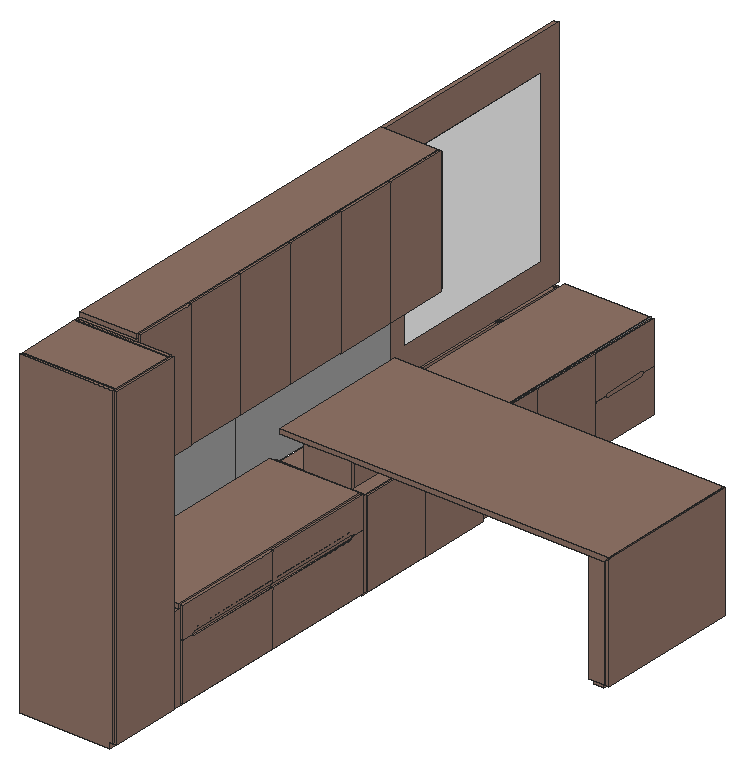
Revit family "T100018", category Furniture, Revit 2022
Family settings
  OmniClass Number = 23.40.20.00
  OmniClass Title = General Furniture and Specialties
  Work Plane-Based = No
  Always vertical = Yes
  Cut with Voids When Loaded = No
  Render Appearance Source = Family Geometry
  Shared = No
  Room Calculation Point = No
Parameters (values of type "T100365")
  URL = "https://ofs.com/"
  Model = "T100365"
  Manufacturer = "OFS"
  Description = "OFS TYPICAL T100365"
  Default Elevation = 0.00"
  Copyright © = "©OFS 2021"
  Catalog = "https://ofs.com/2020-experience"
  Authoring Version = "Autodesk Revit Architecture 2015"
  Assembly Code = "E2020400"
Reference planes (in)
  plane 1 "Center Front/Back": y = 0
  plane 2: z = 0
  plane 3 "Center Left/Right": x = 0
Dimensions and locks (in)
  aligned and locked: level to plane 2
Nested families (in)
  nested 1: "OFS SLATE STORAGE MODULAR CABINET TOPS - Wire Drop Back" at (-4.31988, 110.32426, -6) x (0, -1, 0) z (0, 0, 1), type "Workwall Modular Cabinet Top w Wire Drop on the Back 54W LG"
    with Top Cabinet OFS SLATE Dark Wood, Height from Floor 29.25"
  nested 2: "OFS SLATE OVERLAY WORKTABLE W PANEL BASE _ LOW CABINET - WALL ACCESS - Right - Workwall" at (14.80512, 23.5, 0), type "WORKWALL OVERLAY WORKTABLE W PANEL BASE & LOW CABINET - WALL ACCESS - 84W x 36D Right"
    with Glides OFS SLATE Black Plastic, Front Panel Finish OFS SLATE Dark Wood, Chasis OFS SLATE Dark Wood
  nested 3: "OFS SLATE WORKWALL LOW HEIGHT OVERLAY CREDENZAS" at (-28.12156, -60.63387, 0) x (0, 1, 0) z (0, 0, 1), type "SLATE WORKWALL OVERLAY CREDENZA LATERAL FILE 60" LOW HEIGHT"
    with Width 60.00", Top OFS Dark Wood, Panel OFS Dark Wood, Length 2 17.875", Length 1 13.255", Glides OFS Black Plastic, Drawers OFS Dark Wood, Case OFS Dark Wood, Base OFS Dark Wood, 6 Drawers no, 4 Drawers yes, 2 Drawers no
  nested 4: "OFS_Slate Private Office_Storage_Cabinet_Wardrobe" at (-27.19488, -78.67574, 0) x (0, 1, 0) z (0, 0, 1), type "24.75D Left - 18"W x 81"H"
    with Top OFS BRANDS Dark Wood, Right no, Left yes, Glides OFS BRANDS Black Plastic, Door OFS BRANDS Dark Wood, Case OFS BRANDS Dark Wood, Base OFS BRANDS Dark Wood, Width 18.00", Height 81.00", Depth 24.00"
  nested 5: "OFS SLATE OVERLAY WALLMOUNT ORGANIZER W HINGED DOORS 2H" at (-15.44487, -12.67574, 0) x (0, 1, 0) z (0, 0, 1), type "OVERLAY WALLMOUNT ORGANIZER W 6 HINGED DOORS 2H 96""
    with Glides OFS SLATE Black Plastic, Front Panel Finish OFS SLATE Dark Wood, Chasis OFS SLATE Dark Wood
  nested 6: "OFS SLATE WALLMOUNT PANEL VENEER 1.5H" at (-16.31988, 62.32427, -4.89933) x (0, 1, 0) z (0, 0, 1), type "WALLMOUNT PANEL VENEER 4H 54"."
    with Glides OFS SLATE Black Plastic, Front Panel Finish OFS SLATE Dark Wood, Chasis OFS SLATE Dark Wood, Width 54.00", Height 58.00"
  nested 7: "OFS SLATE LOW HEIGHT MODULAR PEDESTAL" at (-28.19488, 71.32426, 0) x (0, 1, 0) z (0, 0, 1), type "LOW HEIGHT MODUALR PEDESTAL Top Pull"
    with Top OFS SLATE Dark Wood, Panel OFS SLATE Dark Wood, Mount Panel OFS SLATE Dark Wood, Glides OFS SLATE Black Plastic, Drawers OFS SLATE Dark Wood, Base OFS SLATE Dark Wood
  nested 8: "OFS SLATE LOW HEIGHT MODULAR CABINET - Two Doors - Top Pull" at (-28.31988, 44.326, 0) x (0, 1, 0) z (0, 0, 1), type "LOW HEIGHT MODULAR CABINET Top Pull 36W"
    with Top OFS SLATE Dark Wood, Panel OFS SLATE Dark Wood, Mount Panel OFS SLATE Dark Wood, Glides OFS SLATE Black Plastic, Drawers OFS SLATE Dark Wood, Base OFS SLATE Dark Wood
  nested 9: "Intermix 42x1x42 Magnetic Glass Markerboard" at (-47.75738, 61.96457, 30.51104) x (0, 1, 0) z (0, 0, 1), type "Intermix 42x1x42 Magnetic Glass Markerboard"
  nested 10: "OFS_Slate Private Office_TackBoard" at (-27.19488, -62.92574, -8) x (0, 1, 0) z (0, 0, 1), type "OFS_Slate Private Office_TackBoard"
    with Elevation 30.50", Board OFS BRANDS White Fabric, Width 100.00", Height 28.00", 2 Piece yes, 1 Piece no
Definition of nested family "OFS SLATE STORAGE MODULAR CABINET TOPS - Wire Drop Back"
  Parameters (values of type "Workwall Modular Cabinet Top w Wire Drop on the Back 42W LG")
    Wire Drop Material = none
    Width = 42.00"
    URL = "http://www.ofs.com/"
    Height from Floor [instance] = 29.25"
    Height = 1.1875"
    Description = "OFS SLATE WORKWALL MODULAR CABINET TOP WITH WIRE DROP ON THE BACK, 42\" Width, Long Grain Direction"
    Model = "CA-B4221MCTB"
    Manufacturer = "CAROLINA"
    Depth = 21.3125"
    Default Elevation = 0.00"
    Copyright © = "© 2019 OFS"
    Catalog = "https://ofs.com/products/tables/conference/slate"
    Authoring Version = "Autodesk Revit Architecture 2014"
    Assembly Code = "E2020200"
    Top Cabinet [instance] = none
  Types (32): name | Width | Description | Model
    Workwall Modular Cabinet Top w Wire Drop on the Back 18W LG | 18.00" | "OFS SLATE WORKWALL MODULAR CABINET TOP WITH WIRE DROP ON THE BACK, 18\" Width, Long Grain Direction" | "CA-B1821MCTB"
    Workwall Modular Cabinet Top w Wire Drop on the Back 18W SG | 18.00" | "OFS SLATE WORKWALL MODULAR CABINET TOP WITH WIRE DROP ON THE BACK, 18\" Width, Short Grain Direction" | "CA-B2118MCTB"
    Workwall Modular Cabinet Top w Wire Drop on the Back 24W LG | 24.00" | "OFS SLATE WORKWALL MODULAR CABINET TOP WITH WIRE DROP ON THE BACK, 24\" Width, Long Grain Direction" | "CA-B2421MCTB"
    Workwall Modular Cabinet Top w Wire Drop on the Back 24W SG | 24.00" | "OFS SLATE WORKWALL MODULAR CABINET TOP WITH WIRE DROP ON THE BACK, 24\" Width, Short Grain Direction" | "CA-B2124MCTB"
    Workwall Modular Cabinet Top w Wire Drop on the Back 30W LG | 30.00" | "OFS SLATE WORKWALL MODULAR CABINET TOP WITH WIRE DROP ON THE BACK, 30\" Width, Long Grain Direction" | "CA-B3021MCTB"
    Workwall Modular Cabinet Top w Wire Drop on the Back 30W SG | 30.00" | "OFS SLATE WORKWALL MODULAR CABINET TOP WITH WIRE DROP ON THE BACK, 30\" Width, Short Grain Direction" | "CA-B2130MCTB"
    Workwall Modular Cabinet Top w Wire Drop on the Back 36W SG | 36.00" | "OFS SLATE WORKWALL MODULAR CABINET TOP WITH WIRE DROP ON THE BACK, 36\" Width, Short Grain Direction" | "CA-B2136MCTB"
    Workwall Modular Cabinet Top w Wire Drop on the Back 36W LG | 36.00" | "OFS SLATE WORKWALL MODULAR CABINET TOP WITH WIRE DROP ON THE BACK, 36\" Width, Long Grain Direction" | "CA-B3621MCTB"
    Workwall Modular Cabinet Top w Wire Drop on the Back 42W LG | 42.00" | "OFS SLATE WORKWALL MODULAR CABINET TOP WITH WIRE DROP ON THE BACK, 42\" Width, Long Grain Direction" | "CA-B4221MCTB"
    Workwall Modular Cabinet Top w Wire Drop on the Back 42W SG | 42.00" | "OFS SLATE WORKWALL MODULAR CABINET TOP WITH WIRE DROP ON THE BACK, 42\" Width, Short Grain Direction" | "CA-B2142MCTB"
    Workwall Modular Cabinet Top w Wire Drop on the Back 48W SG | 48.00" | "OFS SLATE WORKWALL MODULAR CABINET TOP WITH WIRE DROP ON THE BACK, 48\" Width, Short Grain Direction" | "CA-B2148MCTB"
    Workwall Modular Cabinet Top w Wire Drop on the Back 48W LG | 48.00" | "OFS SLATE WORKWALL MODULAR CABINET TOP WITH WIRE DROP ON THE BACK, 48\" Width, Long Grain Direction" | "CA-B4821MCTB"
    Workwall Modular Cabinet Top w Wire Drop on the Back 54W LG | 54.00" | "OFS SLATE WORKWALL MODULAR CABINET TOP WITH WIRE DROP ON THE BACK, 54\" Width, Long Grain Direction" | "CA-B5421MCTB"
    Workwall Modular Cabinet Top w Wire Drop on the Back 54W SG | 54.00" | "OFS SLATE WORKWALL MODULAR CABINET TOP WITH WIRE DROP ON THE BACK, 54\" Width, Short Grain Direction" | "CA-B2154MCTB"
    Workwall Modular Cabinet Top w Wire Drop on the Back 60W SG | 60.00" | "OFS SLATE WORKWALL MODULAR CABINET TOP WITH WIRE DROP ON THE BACK, 60\" Width, Short Grain Direction" | "CA-B2160MCTB"
    Workwall Modular Cabinet Top w Wire Drop on the Back 60W LG | 60.00" | "OFS SLATE WORKWALL MODULAR CABINET TOP WITH WIRE DROP ON THE BACK, 60\" Width, Long Grain Direction" | "CA-B6021MCTB"
    Workwall Modular Cabinet Top w Wire Drop on the Back 66W LG | 66.00" | "OFS SLATE WORKWALL MODULAR CABINET TOP WITH WIRE DROP ON THE BACK, 66\" Width, Long Grain Direction" | "CA-B6621MCTB"
    Workwall Modular Cabinet Top w Wire Drop on the Back 66W SG | 66.00" | "OFS SLATE WORKWALL MODULAR CABINET TOP WITH WIRE DROP ON THE BACK, 66\" Width, Short Grain Direction" | "CA-B2166MCTB"
    Workwall Modular Cabinet Top w Wire Drop on the Back 72W SG | 72.00" | "OFS SLATE WORKWALL MODULAR CABINET TOP WITH WIRE DROP ON THE BACK, 72\" Width, Short Grain Direction" | "CA-B2172MCTB"
    Workwall Modular Cabinet Top w Wire Drop on the Back 72W LG | 72.00" | "OFS SLATE WORKWALL MODULAR CABINET TOP WITH WIRE DROP ON THE BACK, 72\" Width, Long Grain Direction" | "CA-B7221MCTB"
    Workwall Modular Cabinet Top w Wire Drop on the Back 78W LG | 78.00" | "OFS SLATE WORKWALL MODULAR CABINET TOP WITH WIRE DROP ON THE BACK, 78\" Width, Long Grain Direction" | "CA-B7821MCTB"
    Workwall Modular Cabinet Top w Wire Drop on the Back 78W SG | 78.00" | "OFS SLATE WORKWALL MODULAR CABINET TOP WITH WIRE DROP ON THE BACK, 78\" Width, Short Grain Direction" | "CA-B2178MCTB"
    Workwall Modular Cabinet Top w Wire Drop on the Back 84W SG | 84.00" | "OFS SLATE WORKWALL MODULAR CABINET TOP WITH WIRE DROP ON THE BACK, 84\" Width, Short Grain Direction" | "CA-B2184MCTB"
    Workwall Modular Cabinet Top w Wire Drop on the Back 84W LG | 84.00" | "OFS SLATE WORKWALL MODULAR CABINET TOP WITH WIRE DROP ON THE BACK, 84\" Width, Long Grain Direction" | "CA-B8421MCTB"
    Workwall Modular Cabinet Top w Wire Drop on the Back 90W LG | 90.00" | "OFS SLATE WORKWALL MODULAR CABINET TOP WITH WIRE DROP ON THE BACK, 90\" Width, Long Grain Direction" | "CA-B9021MCTB"
    Workwall Modular Cabinet Top w Wire Drop on the Back 90W SG | 90.00" | "OFS SLATE WORKWALL MODULAR CABINET TOP WITH WIRE DROP ON THE BACK, 90\" Width, Short Grain Direction" | "CA-B2190MCTB"
    Workwall Modular Cabinet Top w Wire Drop on the Back 96W SG | 96.00" | "OFS SLATE WORKWALL MODULAR CABINET TOP WITH WIRE DROP ON THE BACK, 96\" Width, Short Grain Direction" | "CA-B2196MCTB"
    Workwall Modular Cabinet Top w Wire Drop on the Back 96W LG | 96.00" | "OFS SLATE WORKWALL MODULAR CABINET TOP WITH WIRE DROP ON THE BACK, 96\" Width, Long Grain Direction" | "CA-B9621MCTB"
    Workwall Modular Cabinet Top w Wire Drop on the Back 102W SG | 102.00" | "OFS SLATE WORKWALL MODULAR CABINET TOP WITH WIRE DROP ON THE BACK, 102\" Width, Short Grain Direction" | "CA-B21102MCTB"
    Workwall Modular Cabinet Top w Wire Drop on the Back 102W LG | 102.00" | "OFS SLATE WORKWALL MODULAR CABINET TOP WITH WIRE DROP ON THE BACK, 102\" Width, Long Grain Direction" | "CA-B10221MCTB"
    Workwall Modular Cabinet Top w Wire Drop on the Back 108W LG | 108.00" | "OFS SLATE WORKWALL MODULAR CABINET TOP WITH WIRE DROP ON THE BACK, 108\" Width, Long Grain Direction" | "CA-B10821MCTB"
    Workwall Modular Cabinet Top w Wire Drop on the Back 108W SG | 108.00" | "OFS SLATE WORKWALL MODULAR CABINET TOP WITH WIRE DROP ON THE BACK, 108\" Width, Short Grain Direction" | "CA-B21108MCTB"
  Reference planes (in)
    plane 1 "Center (Front/Back)": y = 0
    plane 2: z = 0
    plane 3 "Center (Left/Right)": x = 27
    plane 4 "rrr": through (-2.45771, -5.50063, 16.56517) normal (0.0223, 0.0194, 0.9996)
    plane 5: x = 69
    plane 6: y = -21.3125
    plane 7: z = 29.25
    plane 8: z = 28.0625
    plane 9: x = 48
  Forms (in)
    Extrusion 1, solid, material <- "Top Cabinet"
      sketch origin (27, 0, 0) x (0, 1, 0) y (0, 0, 1)
        loop
          line (0, 29.25) -> (-21.3125, 29.25) -> (-21.3125, 28.0625) -> (0, 28.0625) -> (0, 29.25)
      from 0 to 42
    Extrusion 2, solid, material <- "Wire Drop Material"
      sketch origin (27, 0, 0) x (0, 1, 0) y (0, 0, 1)
        loop
          line (0, 28.3644) -> (0, 28.23141)
          arc (0, 28.23141) -> (0.09162, 28.73666) -> (0.10437, 29.25) r 3.32546
          arc (0.10437, 29.25) -> (-0.01589, 29.36411) -> (-0.13615, 29.25) r 0.12042
          line (-0.13615, 29.25) -> (-0.10484, 29.25)
          arc (-0.10484, 29.25) -> (-0.01507, 29.33285) -> (0.07316, 29.24836) r 0.08917
          arc (0.07316, 29.24836) -> (0.06647, 28.80391) -> (0, 28.3644) r 3.29421
      from 0 to 42
  Lines and regions (in)
    Masking region 1
      outline origin (0, 0, 0) x (1, 0, 0) y (0, 1, 0)
        loop
          line (27, 0) -> (27, -21.3125) -> (69, -21.3125) -> (69, 0) -> (27, 0)
  Dimensions and locks (in)
    "Width": plane 3 "Center (Left/Right)" to plane 5
    equal spacing: plane 3 "Center (Left/Right)", plane 9, plane 5
    "Depth": plane 6 to plane 1 "Center (Front/Back)"
    "Height from Floor": plane 7 to level
    "Height": plane 7 to plane 8
    aligned and locked: level to plane 2
    aligned and locked: plane 7 to Extrusion 1 sketch curve
    aligned and locked: Extrusion 1 sketch curve to plane 6
    aligned and locked: plane 1 "Center (Front/Back)" to Extrusion 1 sketch curve
    aligned and locked: Extrusion 1 sketch curve to plane 8
    aligned and locked: Extrusion 1 to plane 3 "Center (Left/Right)"
    aligned and locked: Extrusion 1 to plane 5
    aligned and locked: plane 5 to Masking region 1 sketch curve
    aligned and locked: plane 1 "Center (Front/Back)" to Masking region 1 sketch curve
    aligned and locked: Masking region 1 sketch curve to plane 6
    aligned and locked: plane 3 "Center (Left/Right)" to Masking region 1 sketch curve
    aligned and locked: plane 1 "Center (Front/Back)" to Extrusion 2 sketch curve
    aligned and locked: Extrusion 2 to plane 3 "Center (Left/Right)"
    aligned and locked: Extrusion 2 to plane 5
  Automatic sketch dimensions
    Extrusion 2 sketch curve to Extrusion 2 sketch curve = 0.00"  (x5)
    plane 7 to Extrusion 2 sketch curve = 0.00"  (x3)
    plane 7 to Extrusion 2 sketch curve = 0.00631"
    plane 1 "Center (Front/Back)" to Extrusion 2 sketch curve = 0.01589"
    plane 7 to Extrusion 2 sketch curve = 0.17437"
    Extrusion 2 sketch curve to Extrusion 2 sketch curve = 0.03131"
    plane 7 to Extrusion 2 sketch curve = 0.00164"
Definition of nested family "OFS SLATE OVERLAY WORKTABLE W PANEL BASE _ LOW CABINET - WALL ACCESS - Right - Workwall"
  Parameters (values of type "WORKWALL OVERLAY WORKTABLE W PANEL BASE & LOW CABINET - WALL ACCESS - 66W x 30D Right")
    Width = 67.00"
    URL = "http://www.ofs.com/"
    Top Board Thickness = 1.1875"
    Support Board Width = 24.00"
    Right Sided Support Width = 24.75"
    Model = "CA-AB6630WCR"
    Middle Board Offset From Back = 11.1875"
    Manufacturer = "CAROLINA"
    Left Sided Support Width = 4.00"
    Height From Floor = 0.4375"
    Height = 30.50"
    Glides [instance] = none
    Gap2 = 0.0625"
    Gap1 = 0.125"
    Front Panel Finish [instance] = none
    Drawer Height 1 = 15.375"
    Description = "OFS SLATE WORKWALL OVERLAY WORKTABLE WITH PANEL BASE ON RIGHT SIDE & LOW HEIGHT CABINET ON THE LEFT, WALL ACCESS, 66\"Width x 30\" Depth, Worktable Top runs Full Width to Wall"
    Depth = 30.00"
    Default Elevation = 0.00"
    Copyright © = "©OFS 2019"
    Catalog = "https://ofs.com/products/tables/conference/slate"
    Chasis [instance] = none
    Bottom Board Thickness = 1.25"
    Board Thickness = 0.75"
    Base Offset from front = 1.625"
    Back Board Thickness = 0.00"
    Authoring Version = "Autodesk Revit Architecture 2014"
    Assembly Code = "E2020200"
  Types (6): name | Width | Model | Description | Depth
    (no name) | 67.00" | "CA-AB6630WCR" | "OFS SLATE WORKWALL OVERLAY WORKTABLE WITH PANEL BASE ON RIGHT SIDE & LOW HEIGHT CABINET ON THE LEFT, WALL ACCESS, 66\"Width x 30\" Depth, Worktable Top runs Full Width to Wall" | 30.00"
    WORKWALL OVERLAY WORKTABLE W PANEL BASE & LOW CABINET - WALL ACCESS - 66W x 30D Right | 67.00" | "CA-AB6630WCR" | "OFS SLATE WORKWALL OVERLAY WORKTABLE WITH PANEL BASE ON RIGHT SIDE & LOW HEIGHT CABINET ON THE LEFT, WALL ACCESS, 66\"Width x 30\" Depth, Worktable Top runs Full Width to Wall" | 30.00"
    WORKWALL OVERLAY WORKTABLE W PANEL BASE & LOW CABINET - WALL ACCESS - 72W x 30D Right | 73.00" | "CA-AB7230WCR" | "OFS SLATE WORKWALL OVERLAY WORKTABLE WITH PANEL BASE ON RIGHT SIDE & LOW HEIGHT CABINET ON THE LEFT, WALL ACCESS, 72\"Width x 30\" Depth, Worktable Top runs Full Width to Wall" | 30.00"
    WORKWALL OVERLAY WORKTABLE W PANEL BASE & LOW CABINET - WALL ACCESS - 72W x 36D Right | 73.00" | "CA-AB7236WCR" | "OFS SLATE WORKWALL OVERLAY WORKTABLE WITH PANEL BASE ON RIGHT SIDE & LOW HEIGHT CABINET ON THE LEFT, WALL ACCESS, 72\"Width x 36\" Depth, Worktable Top runs Full Width to Wall" | 36.00"
    WORKWALL OVERLAY WORKTABLE W PANEL BASE & LOW CABINET - WALL ACCESS - 78W x 36D Right | 79.00" | "CA-AB7836WCR" | "OFS SLATE WORKWALL OVERLAY WORKTABLE WITH PANEL BASE ON RIGHT SIDE & LOW HEIGHT CABINET ON THE LEFT, WALL ACCESS, 78\"Width x 36\" Depth, Worktable Top runs Full Width to Wall" | 36.00"
    WORKWALL OVERLAY WORKTABLE W PANEL BASE & LOW CABINET - WALL ACCESS - 84W x 36D Right | 85.00" | "CA-AB8436WCR" | "OFS SLATE WORKWALL OVERLAY WORKTABLE WITH PANEL BASE ON RIGHT SIDE & LOW HEIGHT CABINET ON THE LEFT, WALL ACCESS, 84\"Width x 36\" Depth, Worktable Top runs Full Width to Wall" | 36.00"
  Reference planes (in)
    plane 1 "Center Front/Back": y = -3
    plane 2 "Bottom": z = 0
    plane 3 "Center Left/Right": x = 0
    plane 4 "Back": y = 12
    plane 5 "Front": y = -18
    plane 6 "Left": x = -33.5
    plane 7 "Right": x = 33.5
    plane 8: z = 30.5
    plane 9: z = 0.4375
    plane 10: z = 1.6875
    plane 11: z = 29.3125
    plane 12: y = 12
    plane 13: y = -17.25
    plane 14: y = 11.25
    plane 15: z = 28.125
    plane 16: y = -16.375
    plane 17: y = -15.625
    plane 18: y = 0.5
    plane 19: y = 0.375
    plane 20: z = 27.125
    plane 21: z = 24.75
    plane 22: y = 0.8125
    plane 23: y = 0.0625
    plane 24: z = 15.375
    plane 25: z = 15.4375
    plane 26: y = -14.125
    plane 27: y = 9.75
    plane 28: y = -17.5
    plane 29: x = 32.3125
    plane 30: x = -32.75
    plane 31: x = -9.5
    plane 32: x = -8.75
    plane 33: x = 31.5625
    plane 34: x = 28.3125
    plane 35: x = 29.0625
    plane 36: x = -9.5
    plane 37: x = 30.0625
    plane 38: x = 30.5625
    plane 39: x = -28.375
    plane 40: x = -27.625
    plane 41: x = -10.25
    plane 42: y = -2.9375
    plane 43: y = -3.0625
    plane 44: z = 23.1875
    plane 45: z = 22
    plane 46: x = -24.75
    plane 47: x = -24
    plane 48: x = -13.5
    plane 49: x = -12.75
    plane 50: y = 8.875
    plane 51: y = 8.875
    plane 52: y = 8.125
    plane 53: x = -30.75
  Forms (in)
    Extrusion 1, solid, material <- "Chasis"
      sketch origin (0, -6, 0) x (-1, 0, 0) y (0, 0, -1)
        loop
          line (30.75, -30.5) -> (30.75, -29.3125) -> (-32.3125, -29.3125) -> (-33.39331, -30.39331)
          arc (-33.39331, -30.39331) -> (-33.40685, -30.46142) -> (-33.34911, -30.5) r 0.0625
          line (-33.34911, -30.5) -> (30.75, -30.5)
      from -18 to 12
    Extrusion 2, solid, material <- "Chasis"
      sketch origin (5.5, -6, -5.5) x (0, 0, -1) y (1, 0, 0)
        loop
          line (-7.1875, 28) -> (-35.84911, 28)
          arc (-35.84911, 28) -> (-35.90685, 27.96142) -> (-35.89331, 27.89331) r 0.0625
          line (-35.89331, 27.89331) -> (-34.8125, 26.8125) -> (-7.1875, 26.8125) -> (-7.1875, 28)
      from -18 to 12
    Extrusion 3, solid, material <- "Chasis"
      sketch origin (0, 0, 0) x (0, 1, 0) y (0, 0, -1)
        loop
          line (11.25, -29.3125) -> (11.25, -1.6875) -> (-17.25, -1.6875) -> (-17.25, -29.3125) -> (11.25, -29.3125)
      from -32.3125 to -31.5625
    Extrusion 4, solid, material <- "Chasis"
      sketch origin (43.62893, 0, 0) x (0, 1, 0) y (0, 0, 1)
        loop
          line (11.25, 29.3125) -> (-17.25, 29.3125) -> (-17.25, 1.6875) -> (11.25, 1.6875) -> (11.25, 29.3125)
      from -15.31643 to -14.56643
    Extrusion 5, solid, material <- "Chasis"
      sketch origin (0, 0, 0) x (-1, 0, 0) y (0, -1, 0)
        loop
          line (-32.3125, -12) -> (-28.3125, -12) -> (-28.3125, -11.25) -> (-32.3125, -11.25) -> (-32.3125, -12)
      from 1.6875 to 29.3125
    Extrusion 6, solid, material <- "Chasis"
      sketch origin (0, 0, 0) x (-1, 0, 0) y (0, -1, 0)
        loop
          line (-31.5625, -11.25) -> (-29.0625, -11.25) -> (-29.0625, 17.25) -> (-31.5625, 17.25) -> (-31.5625, -11.25)
      from 0.4375 to 1.6875
    Extrusion 7, solid, material <- "Chasis"
      sketch origin (0, 0, 0) x (-1, 0, 0) y (0, -1, 0)
        loop
          line (8.75, -12) -> (9.5, -12) -> (9.5, 2.9375) -> (8.75, 2.9375) -> (8.75, -12)
        loop
          line (8.75, 3.0625) -> (9.5, 3.0625) -> (9.5, 18) -> (8.75, 18) -> (8.75, 3.0625)
      from 1.6875 to 23.1875
    Extrusion 8, solid, material <- "Chasis"
      sketch origin (0, 0, 0) x (-1, 0, 0) y (0, -1, 0)
        loop
          line (32.75, -11.25) -> (33.5, -11.25) -> (33.5, 17.25) -> (32.75, 17.25) -> (32.75, -11.25)
      from 15.375 to 18.75
    Extrusion 9, solid, material <- "Chasis"
      sketch origin (0, 0, 0) x (-1, 0, 0) y (0, -1, 0)
        loop
          line (9.5, -12) -> (30.75, -12) -> (30.75, 18) -> (9.5, 18) -> (9.5, -12)
      from 22 to 23.1875
    Extrusion 10, solid, material <- "Chasis"
      sketch origin (0, 0, 0) x (-1, 0, 0) y (0, -1, 0)
        loop
          line (9.5, -12) -> (33.5, -12) -> (33.5, -11.25) -> (9.5, -11.25) -> (9.5, -12)
        loop
          line (9.5, 17.25) -> (33.5, 17.25) -> (33.5, 18) -> (9.5, 18) -> (9.5, 17.25)
        loop
          line (9.5, -0.8125) -> (27.625, -0.8125) -> (27.625, -0.0625) -> (9.5, -0.0625) -> (9.5, -0.8125)
      from 1.6875 to 22
    Extrusion 11, solid, material <- "Chasis"
      sketch origin (0, 0, 0) x (-1, 0, 0) y (0, -1, 0)
        loop
          line (10.25, -12) -> (33.5, -12) -> (33.5, 18) -> (10.25, 18) -> (10.25, -12)
      from 0.4375 to 1.6875
    Revolve 12, solid, material <- "Glides"
      sketch origin (-66.8756, -14.85266, 0) x (1, 0, 0) y (0, 0, 1)
        loop
          line (97.45505, 0.45) -> (97.45505, 0.25244) -> (97.41637, 0.25244)
          arc (97.41637, 0.25244) -> (97.33532, 0.12622) -> (97.41637, 0) r 0.1388
          line (97.41637, 0) -> (97.70505, 0) -> (97.70505, 0.45) -> (97.45505, 0.45)
        axis (97.70505, 0) -> (97.70505, 0.45)
      angle from 0 to 360
    Revolve 13, solid, material <- "Glides"
      sketch origin (-66.8756, 9.33484, 0) x (1, 0, 0) y (0, 0, 1)
        loop
          line (97.45505, 0.45) -> (97.45505, 0.25244) -> (97.41637, 0.25244)
          arc (97.41637, 0.25244) -> (97.33532, 0.12622) -> (97.41637, 0) r 0.1388
          line (97.41637, 0) -> (97.70505, 0) -> (97.70505, 0.45) -> (97.45505, 0.45)
        axis (97.70505, 0) -> (97.70505, 0.45)
      angle from 0 to 360
    Revolve 14, solid, material <- "Glides"
      sketch origin (66.9381, -15.625, 0) x (-1, 0, 0) y (0, 0, -1)
        loop
          line (78.45505, -0.45) -> (78.70505, -0.45) -> (78.70505, 0) -> (78.41637, 0)
          arc (78.41637, 0) -> (78.33532, -0.12622) -> (78.41637, -0.25244) r 0.1388
          line (78.41637, -0.25244) -> (78.45505, -0.25244) -> (78.45505, -0.45)
        axis (78.70505, 0) -> (78.70505, -0.45)
      angle from 0 to 360
    Revolve 15, solid, material <- "Glides"
      sketch origin (66.9381, 8.625, 0) x (-1, 0, 0) y (0, 0, -1)
        loop
          line (78.45505, -0.45) -> (78.70505, -0.45) -> (78.70505, 0) -> (78.41637, 0)
          arc (78.41637, 0) -> (78.33532, -0.12622) -> (78.41637, -0.25244) r 0.1388
          line (78.41637, -0.25244) -> (78.45505, -0.25244) -> (78.45505, -0.45)
        axis (78.70505, 0) -> (78.70505, -0.45)
      angle from 0 to 360
    Extrusion 16, solid, material <- "Chasis"
      sketch origin (-7.25766, 0, -29.10887) x (-1, 0, 0) y (0, -1, 0)
        loop
          line (-39.57016, 17.25) -> (-35.57016, 17.25) -> (-35.57016, 18) -> (-39.57016, 18) -> (-39.57016, 17.25)
      from 30.79637 to 58.42137
    Extrusion 17, solid, material <- "Chasis"
      sketch origin (-38.4075, -6.77228, 0) x (-1, 0, 0) y (0, -1, 0)
        loop
          line (-66.72, -7.58478) -> (-25.6575, -7.58478) -> (-25.6575, -6.83478) -> (-66.72, -6.83478) -> (-66.72, -7.58478)
      from 23.625 to 29.3125
    Extrusion 18, solid, material <- "Chasis"
      sketch origin (5.125, 0, 0) x (-1, 0, 0) y (0, -1, 0)
        loop
          line (32.75, -11.25) -> (33.5, -11.25) -> (33.5, 17.25) -> (32.75, 17.25) -> (32.75, -11.25)
      from 1.6875 to 22
    Extrusion 19, solid, material <- "Chasis"
      sketch origin (0, 0, 0) x (-1, 0, 0) y (0, -1, 0)
        loop
          line (32.75, -11.25) -> (33.5, -11.25) -> (33.5, 17.25) -> (32.75, 17.25) -> (32.75, -11.25)
      from 1.6875 to 4.44922
    Extrusion 20, solid, material <- "Chasis"
      sketch origin (-9.16943, -7.69407, 0) x (-1, 0, 0) y (0, -1, 0)
        loop
          line (3.58057, -15.81907) -> (4.33057, -15.81907) -> (4.33057, 9.55593) -> (3.58057, 9.55593) -> (3.58057, -15.81907)
      from 23.1875 to 29.3125
    Extrusion 21, solid, material <- "Chasis"
      sketch origin (-13.67477, -10.84874, 0) x (-1, 0, 0) y (0, -1, 0)
        loop
          line (10.32523, -18.97374) -> (11.07523, -18.97374) -> (11.07523, 6.40126) -> (10.32523, 6.40126) -> (10.32523, -18.97374)
      from 23.1875 to 29.3125
    Extrusion 22, solid, material <- "Chasis"
      sketch origin (-12.44604, -5.39976, 0) x (-1, 0, 0) y (0, -1, 0)
        loop
          line (0.30396, -14.27476) -> (12.30396, -14.27476) -> (12.30396, -13.52476) -> (0.30396, -13.52476) -> (0.30396, -14.27476)
      from 23.1875 to 29.3125
    Extrusion 23, solid, material <- "Chasis"
      sketch origin (-10.17999, -33.30083, 0) x (-1, 0, 0) y (0, -1, 0)
        loop
          line (2.57001, -16.05083) -> (14.57001, -16.05083) -> (14.57001, -15.30083) -> (2.57001, -15.30083) -> (2.57001, -16.05083)
      from 23.1875 to 29.3125
  Cuts and joins
    joined: Extrusion 3, Extrusion 4, Extrusion 6
    joined: Extrusion 10, Extrusion 11
  Dimensions and locks (in)
    equal spacing: plane 5 "Front", plane 1 "Center Front/Back", plane 4 "Back"
    "Depth": plane 4 "Back" to plane 5 "Front"
    "Board Thickness": plane 13 to plane 5 "Front"
    "Back Board Thickness": plane 12 to plane 4 "Back"
    "Board Thickness": plane 14 to plane 12
    "Top Board Thickness": plane 8 to plane 11
    "Top Board Thickness": plane 11 to plane 15
    "Bottom Board Thickness": plane 10 to plane 9
    "Height From Floor": plane 9 to plane 2 "Bottom"
    "Height": plane 8 to level
    "Base Offset from front": plane 16 to plane 5 "Front"
    "Board Thickness": plane 17 to plane 16
    "Gap1": plane 18 to plane 19
    plane 15 to plane 20 = 1.00"
    locked: plane 20 to plane 21 at 2.375
    "Board Thickness": plane 23 to plane 22
    "Gap2": plane 25 to plane 24
    "Drawer Height 1": plane 24 to level
    locked: plane 26 to plane 17 at 1.5
    locked: plane 27 to plane 14 at 1.5
    equal spacing: plane 7 "Right", plane 3 "Center Left/Right", plane 6 "Left"
    "Width": plane 7 "Right" to plane 6 "Left"
    "Top Board Thickness": plane 7 "Right" to plane 29
    "Board Thickness": plane 30 to plane 6 "Left"
    "Right Sided Support Width": plane 32 to plane 6 "Left"
    "Board Thickness": plane 32 to plane 31
    "Board Thickness": plane 29 to plane 33
    "Left Sided Support Width": plane 29 to plane 34
    "Board Thickness": plane 35 to plane 34
    "Support Board Width": plane 36 to plane 6 "Left"
    locked: plane 33 to plane 37 at 1.5
    locked: plane 38 to plane 35 at 1.5
    locked: plane 28 to plane 5 "Front" at 0.5
    "Middle Board Offset From Back": plane 22 to plane 12
    locked: plane 18 to plane 22 at 0.3125
    "Board Thickness": plane 40 to plane 39
    locked: plane 30 to plane 39 at 4.375
    locked: plane 41 to plane 31 at 0.75
    equal spacing: plane 42, plane 1 "Center Front/Back", plane 43
    "Gap1": plane 42 to plane 43
    "Top Board Thickness": plane 44 to plane 45
    plane 44 to level = 23.1875"
    "Board Thickness": plane 47 to plane 46
    "Board Thickness": plane 49 to plane 48
    locked: plane 46 to plane 49 at 12
    locked: plane 6 "Left" to plane 46 at 8.75
    "Board Thickness": plane 52 to plane 51
    plane 52 to plane 12 = 3.875"
    locked: plane 6 "Left" to plane 53 at 2.75
    aligned and locked: level to plane 2 "Bottom"
    aligned and locked: plane 29 to Extrusion 2 sketch curve
    aligned and locked: plane 5 "Front" to Extrusion 2
    aligned and locked: plane 5 "Front" to Extrusion 1
    aligned and locked: plane 29 to Extrusion 3
    aligned and locked: Extrusion 3 to plane 33
    aligned and locked: plane 35 to Extrusion 4
    aligned and locked: Extrusion 4 to plane 34
    aligned and locked: Extrusion 7 sketch curve to plane 5 "Front"
    aligned and locked: plane 31 to Extrusion 7 sketch curve  (x2)
    aligned and locked: Extrusion 7 sketch curve to plane 32  (x2)
    aligned and locked: Extrusion 8 sketch curve to plane 30
    aligned and locked: Extrusion 9 sketch curve to plane 5 "Front"
    aligned and locked: Extrusion 9 to plane 36
    aligned and locked: Extrusion 10 sketch curve to plane 31  (x3)
    aligned and locked: Extrusion 10 sketch curve to plane 5 "Front"
    aligned and locked: Extrusion 11 sketch curve to plane 5 "Front"
    aligned and locked: Extrusion 16 to plane 34
    aligned and locked: plane 29 to Extrusion 16
    aligned and locked: Extrusion 10 to plane 10
    aligned and locked: Extrusion 7 to plane 10
    aligned and locked: plane 11 to Extrusion 16
    aligned and locked: Extrusion 1 to plane 12
    aligned and locked: Extrusion 2 to plane 12
    aligned and locked: plane 34 to Extrusion 5
    aligned and locked: Extrusion 5 to plane 29
    aligned and locked: cut or joined group of Extrusion 3, Extrusion 4, Extrusion 6 to plane 14  (x3)
    aligned and locked: Extrusion 5 to plane 10
    aligned and locked: cut or joined group of Extrusion 3, Extrusion 4, Extrusion 6 to plane 13
    aligned and locked: plane 35 to cut or joined group of Extrusion 3, Extrusion 4, Extrusion 6
    aligned and locked: cut or joined group of Extrusion 3, Extrusion 4, Extrusion 6 to plane 33
    aligned and locked: Extrusion 17 to plane 22
    aligned and locked: Extrusion 17 to plane 23
    aligned and locked: Extrusion 17 to plane 34
    aligned and locked: Extrusion 9 to Extrusion 1
    aligned and locked: plane 41 to Extrusion 11
    aligned and locked: plane 43 to Extrusion 7 sketch curve
    aligned and locked: plane 42 to Extrusion 7 sketch curve
    aligned and locked: Extrusion 9 to plane 45
    aligned and locked: plane 44 to Extrusion 9
    aligned and locked: plane 45 to cut or joined group of Extrusion 10, Extrusion 11
    aligned and locked: plane 45 to Extrusion 18
    aligned and locked: Extrusion 7 to Extrusion 9
    aligned and locked: Extrusion 8 to plane 24
    aligned and locked: Extrusion 21 to plane 13
    aligned and locked: Extrusion 20 to plane 13
    aligned and locked: plane 47 to Extrusion 21
    aligned and locked: Extrusion 21 to plane 46
    aligned and locked: plane 49 to Extrusion 20
    aligned and locked: Extrusion 20 to plane 48
    aligned and locked: Extrusion 20 to plane 52
    aligned and locked: Extrusion 21 to plane 52
    aligned and locked: Extrusion 22 to plane 51
    aligned and locked: plane 52 to Extrusion 22
    aligned and locked: Extrusion 22 to plane 46
    aligned and locked: plane 49 to Extrusion 22
    aligned and locked: Extrusion 23 to plane 46
    aligned and locked: plane 49 to Extrusion 23
    aligned and locked: plane 13 to Extrusion 23
    aligned and locked: Extrusion 23 to plane 5 "Front"
    aligned and locked: Extrusion 23 to plane 44
    aligned and locked: Extrusion 22 to plane 44
    aligned and locked: Extrusion 20 to plane 44
    aligned and locked: Extrusion 21 to plane 44
    aligned and locked: Extrusion 17 to plane 49
    aligned and locked: Extrusion 9 to plane 53
    aligned and locked: Extrusion 1 to Extrusion 9
  Automatic sketch dimensions
    Extrusion 1 sketch curve to plane 8 = 0.00"
    Extrusion 1 sketch curve to plane 11 = 0.00"
    plane 29 to Extrusion 1 sketch curve = 0.00"
    plane 6 "Left" to Extrusion 1 sketch curve = 2.75"
    plane 7 "Right" to Extrusion 1 sketch curve = 0.15089"
    Extrusion 1 sketch curve to Extrusion 1 sketch curve = 0.04419"
    Extrusion 1 sketch curve to plane 8 = 0.0625"
    plane 7 "Right" to Extrusion 2 sketch curve = 0.00"
    Extrusion 2 sketch curve to plane 11 = 0.00"
    Extrusion 2 sketch curve to plane 10 = 0.00"
    Extrusion 2 sketch curve to plane 8 = 0.15089"
    Extrusion 2 sketch curve to Extrusion 2 sketch curve = 0.04419"
    plane 7 "Right" to Extrusion 2 sketch curve = 0.10669"
    Extrusion 3 sketch curve to plane 11 = 0.00"
    Extrusion 3 sketch curve to plane 13 = 0.00"
    Extrusion 3 sketch curve to plane 14 = 0.00"
    Extrusion 3 sketch curve to plane 10 = 0.00"
    Extrusion 4 sketch curve to plane 11 = 0.00"
    Extrusion 4 sketch curve to plane 13 = 0.00"
    Extrusion 4 sketch curve to plane 14 = 0.00"
    Extrusion 4 sketch curve to plane 10 = 0.00"
    plane 14 to Extrusion 5 sketch curve = 0.00"
    Extrusion 5 sketch curve to plane 29 = 0.00"
    Extrusion 5 sketch curve to plane 34 = 0.00"
    plane 4 "Back" to Extrusion 5 sketch curve = 0.00"
    Extrusion 6 sketch curve to plane 13 = 0.00"
    Extrusion 6 sketch curve to plane 33 = 0.00"
    Extrusion 6 sketch curve to plane 35 = 0.00"
    plane 14 to Extrusion 6 sketch curve = 0.00"
    plane 4 "Back" to Extrusion 7 sketch curve = 0.00"
    Extrusion 8 sketch curve to plane 6 "Left" = 0.00"
    plane 14 to Extrusion 8 sketch curve = 0.00"
    Extrusion 8 sketch curve to plane 13 = 0.00"
    Extrusion 9 sketch curve to plane 31 = 0.00"
    plane 6 "Left" to Extrusion 9 sketch curve = 2.75"
    plane 4 "Back" to Extrusion 9 sketch curve = 0.00"
    plane 22 to Extrusion 10 sketch curve = 0.00"
    Extrusion 10 sketch curve to plane 40 = 0.00"
    Extrusion 10 sketch curve to plane 6 "Left" = 0.00"  (x2)
    plane 4 "Back" to Extrusion 10 sketch curve = 0.00"
    plane 14 to Extrusion 10 sketch curve = 0.00"
    Extrusion 10 sketch curve to plane 23 = 0.00"
    Extrusion 10 sketch curve to plane 13 = 0.00"
    Extrusion 11 sketch curve to plane 41 = 0.00"
    Extrusion 11 sketch curve to plane 6 "Left" = 0.00"
    plane 4 "Back" to Extrusion 11 sketch curve = 0.00"
    Revolve 12 sketch curve to level = 0.00"
    Revolve 12 sketch curve to plane 38 = 0.02173"  (x2)
    plane 38 to Revolve 12 sketch curve = 0.01695"
    plane 38 to Revolve 12 sketch curve = 0.03602"
    plane 9 to Revolve 12 sketch curve = 0.0125"
    Revolve 12 sketch curve to Revolve 12 sketch curve = 0.25"
    level to Revolve 12 sketch curve = 0.12622"
    plane 38 to Revolve 12 sketch curve = 0.26694"
    Revolve 12 sketch curve to Revolve 12 sketch curve = 0.00"
    Revolve 12 sketch curve to Revolve 12 sketch curve = 0.29253"
    Revolve 13 sketch curve to level = 0.00"
    Revolve 13 sketch curve to plane 38 = 0.02173"  (x2)
    plane 38 to Revolve 13 sketch curve = 0.01695"
    plane 38 to Revolve 13 sketch curve = 0.03602"
    plane 9 to Revolve 13 sketch curve = 0.0125"
    Revolve 13 sketch curve to Revolve 13 sketch curve = 0.25"
    level to Revolve 13 sketch curve = 0.12622"
    plane 38 to Revolve 13 sketch curve = 0.26694"
    Revolve 13 sketch curve to Revolve 13 sketch curve = 0.00"
    Revolve 13 sketch curve to Revolve 13 sketch curve = 0.29253"
    Revolve 14 sketch curve to level = 0.00"
    Revolve 14 sketch curve to plane 9 = 0.18506"
    Revolve 14 sketch curve to plane 41 = 1.22827"
    Revolve 14 sketch curve to Revolve 14 sketch curve = 0.00"  (x3)
    Revolve 14 sketch curve to Revolve 14 sketch curve = 0.03868"
    Revolve 14 sketch curve to Revolve 14 sketch curve = 0.01907"
    plane 9 to Revolve 14 sketch curve = 0.0125"
    Revolve 14 sketch curve to Revolve 14 sketch curve = 0.25"
    Revolve 14 sketch curve to Revolve 14 sketch curve = 0.29253"
    Revolve 15 sketch curve to level = 0.00"
    Revolve 15 sketch curve to plane 9 = 0.18506"
    Revolve 15 sketch curve to plane 41 = 1.22827"
    Revolve 15 sketch curve to Revolve 15 sketch curve = 0.00"  (x3)
    Revolve 15 sketch curve to Revolve 15 sketch curve = 0.03868"
    Revolve 15 sketch curve to Revolve 15 sketch curve = 0.01907"
    plane 9 to Revolve 15 sketch curve = 0.0125"
    Revolve 15 sketch curve to Revolve 15 sketch curve = 0.25"
    Revolve 15 sketch curve to Revolve 15 sketch curve = 0.29253"
    Extrusion 16 sketch curve to plane 5 "Front" = 0.00"
    Extrusion 16 sketch curve to plane 29 = 0.00"
    Extrusion 16 sketch curve to plane 34 = 0.00"
    Extrusion 16 sketch curve to plane 13 = 0.00"
    Extrusion 17 sketch curve to plane 23 = 0.00"
    Extrusion 17 sketch curve to plane 34 = 0.00"
    Extrusion 17 sketch curve to plane 32 = 4.00"
    plane 22 to Extrusion 17 sketch curve = 0.00"
    Extrusion 18 sketch curve to plane 13 = 0.00"
    Extrusion 18 sketch curve to plane 40 = 0.00"
    Extrusion 18 sketch curve to plane 39 = 0.00"
    plane 14 to Extrusion 18 sketch curve = 0.00"
    Extrusion 19 sketch curve to plane 13 = 0.00"
    Extrusion 19 sketch curve to plane 30 = 0.00"
    Extrusion 19 sketch curve to plane 6 "Left" = 0.00"
    plane 14 to Extrusion 19 sketch curve = 0.00"
    Extrusion 20 sketch curve to plane 13 = 0.00"
    Extrusion 20 sketch curve to plane 49 = 0.00"
    Extrusion 20 sketch curve to plane 48 = 0.00"
    plane 52 to Extrusion 20 sketch curve = 0.00"
    Extrusion 21 sketch curve to plane 13 = 0.00"
    Extrusion 21 sketch curve to plane 47 = 0.00"
    Extrusion 21 sketch curve to plane 46 = 0.00"
    plane 52 to Extrusion 21 sketch curve = 0.00"
    Extrusion 22 sketch curve to plane 49 = 0.00"
    Extrusion 22 sketch curve to plane 46 = 0.00"
    plane 50 to Extrusion 22 sketch curve = 0.00"
    plane 52 to Extrusion 22 sketch curve = 0.00"
    Extrusion 23 sketch curve to plane 41 = 2.50"
    Extrusion 23 sketch curve to plane 47 = 0.75"
    plane 5 "Front" to Extrusion 23 sketch curve = 0.75"
    Extrusion 23 sketch curve to Extrusion 23 sketch curve = 0.75"
Definition of nested family "OFS SLATE WORKWALL LOW HEIGHT OVERLAY CREDENZAS"
  Parameters (values of type "SLATE WORKWALL OVERLAY CREDENZA LATERAL FILE 60" LOW HEIGHT")
    Width [instance] = 60.00"
    URL = "http://www.ofs.com/"
    Type = 4
    Top [instance] = none
    Panel [instance] = none
    Model = "CA-AB6025SFBF"
    Manufacturer = "OFS"
    Length 2 [instance] = if(and(Type = 4, Width < 60.00"), 0.063", 17.875")  # 17.875"
    Length 1 [instance] = if(and(Type = 4, Width = 30.00"), 19.255", if(and(Type = 4, Width = 36.00"), 25.255", if(and(Type = 4, Width = 60.00"), 13.255", if(and(Type = 4, Width = 72.00"), 25.255", if(and(Type = 4, Width = 90.00"), 18.005", 27.005")))))  # 13.255"
    Overlay Lateral File = Type = 4  # yes
    Glides [instance] = none
    Drawers [instance] = none
    Description = "OFS SLATE WORKWALL LOW HEIGHT OVERLAY CREDENZA LATERAL FILE, 4 Drawers, 60\" Width, 25.5\" Depth, 30.5\" Height, Wall Panels are Recessed behind Worksurface"
    Default Elevation = 0.00"
    Copyright © = "© 2019 OFS"
    Catalog = "OFS"
    Case [instance] = none
    Base [instance] = none
    Authoring Version = "Autodesk Revit Architecture 2014"
    Assembly Code = "E2020200"
    6 Drawers [instance] = and(Type = 4, Width > 72.00")  # no
    4 Drawers [instance] = and(Type = 4, Width > 36.00", Width < 90.00")  # yes
    2 Drawers [instance] = and(Type = 4, Width < 60.00")  # no
  Types (7): name | Width | Model | Length 2 | Length 1 | Description | 6 Drawers | 4 Drawers | 2 Drawers
    (no name) | 60.00" | "CA-AB6025SFBF" | 17.875" | 13.255" | "OFS SLATE WORKWALL LOW HEIGHT OVERLAY CREDENZA LATERAL FILE, 4 Drawers, 60\" Width, 25.5\" Depth, 30.5\" Height, Wall Panels are Recessed behind Worksurface" | no | yes | no
    SLATE WORKWALL OVERLAY CREDENZA LATERAL FILE 30" LOW HEIGHT | 30.00" | "CA-AB3025SFBF" | 0.063" | 19.255" | "OFS SLATE WORKWALL LOW HEIGHT OVERLAY CREDENZA LATERAL FILE, 2 Drawers, 30\" Width, 25.5\" Depth, 30.5\" Height, Wall Panels are Recessed behind Worksurface" | no | no | yes
    SLATE WORKWALL OVERLAY CREDENZA LATERAL FILE 36" LOW HEIGHT | 36.00" | "CA-AB3625SFBF" | 0.063" | 25.255" | "OFS SLATE WORKWALL LOW HEIGHT OVERLAY CREDENZA LATERAL FILE, 2 Drawers, 36\" Width, 25.5\" Depth, 30.5\" Height, Wall Panels are Recessed behind Worksurface" | no | no | yes
    SLATE WORKWALL OVERLAY CREDENZA LATERAL FILE 60" LOW HEIGHT | 60.00" | "CA-AB6025SFBF" | 17.875" | 13.255" | "OFS SLATE WORKWALL LOW HEIGHT OVERLAY CREDENZA LATERAL FILE, 4 Drawers, 60\" Width, 25.5\" Depth, 30.5\" Height, Wall Panels are Recessed behind Worksurface" | no | yes | no
    SLATE WORKWALL OVERLAY CREDENZA LATERAL FILE 90" LOW HEIGHT | 90.00" | "CA-AB9025SFBF" | 17.875" | 18.005" | "OFS SLATE WORKWALL LOW HEIGHT OVERLAY CREDENZA LATERAL FILE, 6 Drawers, 90\" Width, 25.5\" Depth, 30.5\" Height, Wall Panels are Recessed behind Worksurface" | yes | no | no
    SLATE WORKWALL OVERLAY CREDENZA LATERAL FILE 108" LOW HEIGHT | 108.00" | "CA-AB10825SFBF" | 17.875" | 27.005" | "OFS SLATE WORKWALL LOW HEIGHT OVERLAY CREDENZA LATERAL FILE, 6 Drawers, 108\" Width, 25.5\" Depth, 30.5\" Height, Wall Panels are Recessed behind Worksurface" | yes | no | no
    SLATE WORKWALL OVERLAY CREDENZA LATERAL FILE 72" LOW HEIGHT | 72.00" | "CA-AB7225SFBF" | 17.875" | 25.255" | "OFS SLATE WORKWALL LOW HEIGHT OVERLAY CREDENZA LATERAL FILE, 4 Drawers, 72\" Width, 25.5\" Depth, 30.5\" Height, Wall Panels are Recessed behind Worksurface" | no | yes | no
  Reference planes (in)
    plane 1 "Center (Front/Back)": y = 0
    plane 2: z = 0
    plane 3 "Center (Left/Right)": x = 0
    plane 4: x = 59.25
    plane 5: x = 60
    plane 6: x = 0.75
    plane 7: y = -24
    plane 8: y = -25.58661
    plane 9: y = -23.125
    plane 10: x = 0.125
    plane 11: x = 59.875
    plane 12: z = 0.45
    plane 13: z = 24.5
    plane 14: y = -1.38677
    plane 15: y = -21.25
    plane 16: y = -11.5625
    plane 17: x = 30
    plane 18: x = 19.6875
    plane 19: x = 40.3125
    plane 20: x = 1.8125
    plane 21: x = 58.1875
    plane 22: x = 58.0625
    plane 23: x = 20.60417
    plane 24: x = 39.39583
    plane 25: z = 22.125
  Forms (in)
    Revolve 1, solid, material <- "Glides", visible <- "Overlay Lateral File"
      sketch origin (1.0178, -1.38677, 47.24409) x (-1, 0, 0) y (0, 0, 1)
        loop
          line (0.04905, -46.79409) -> (0.04905, -47.24409) -> (0.29405, -47.24409)
          arc (0.29405, -47.24409) -> (0.42215, -47.13626) -> (0.33773, -46.99165) r 0.13
          line (0.33773, -46.99165) -> (0.29905, -46.99165) -> (0.29905, -46.79409) -> (0.04905, -46.79409)
        axis (0.04905, -46.79409) -> (0.04905, -47.24409)
      angle from 0 to 360
    Revolve 2, solid, material <- "Glides", visible <- "Overlay Lateral File"
      sketch origin (70.9822, -1.38677, 47.24409) x (1, 0, 0) y (0, 0, -1)
        loop
          line (-11.95095, 46.79409) -> (-11.70095, 46.79409) -> (-11.70095, 46.99165) -> (-11.66227, 46.99165)
          arc (-11.66227, 46.99165) -> (-11.57785, 47.13626) -> (-11.70595, 47.24409) r 0.13
          line (-11.70595, 47.24409) -> (-11.95095, 47.24409) -> (-11.95095, 46.79409)
        axis (-11.95095, 46.79409) -> (-11.95095, 47.24409)
      angle from 0 to 360
    Revolve 3, solid, material <- "Glides", visible <- "Overlay Lateral File"
      sketch origin (1.0178, -21.25, 47.24409) x (-1, 0, 0) y (0, 0, 1)
        loop
          line (-58.01344, -46.79409) -> (-58.26344, -46.79409) -> (-58.26344, -46.99165) -> (-58.30212, -46.99165)
          arc (-58.30212, -46.99165) -> (-58.38654, -47.13626) -> (-58.25844, -47.24409) r 0.13
          line (-58.25844, -47.24409) -> (-58.01344, -47.24409) -> (-58.01344, -46.79409)
        axis (-58.01344, -46.79409) -> (-58.01344, -47.24409)
      angle from 0 to 360
    Revolve 4, solid, material <- "Glides", visible <- "Overlay Lateral File"
      sketch origin (1.0178, -21.25, 47.24409) x (-1, 0, 0) y (0, 0, 1)
        loop
          line (0.04905, -46.79409) -> (0.04905, -47.24409) -> (0.29405, -47.24409)
          arc (0.29405, -47.24409) -> (0.42215, -47.13626) -> (0.33773, -46.99165) r 0.13
          line (0.33773, -46.99165) -> (0.29905, -46.99165) -> (0.29905, -46.79409) -> (0.04905, -46.79409)
        axis (0.04905, -46.79409) -> (0.04905, -47.24409)
      angle from 0 to 360
    Sweep 5, solid, material <- "Panel", visible <- "Overlay Lateral File"
      path origin (-60.07556, -60, 0.45) x (-1, 0, 0) y (0, -1, 0)
        loop
          line (-120.07556, -36.875) -> (-60.07556, -36.875)
      profile origin (30, -23.125, 0.45) x (0, -1, 0) y (0, 0, 1)
        loop
          line (-0.75, 0) -> (0, 0) -> (0, 1.25) -> (-0.75, 1.25) -> (-0.75, 0)
    Extrusion 6, solid, material <- "Case", visible <- "Overlay Lateral File"
      sketch origin (0, 0, 0) x (0, 1, 0) y (0, 0, 1)
        loop
          line (0, 22.125) -> (-0.76133, 22.125) -> (-0.76133, 0.45) -> (0, 0.45) -> (0, 22.125)
      from 1.9375 to 58.0625
    Extrusion 7, solid, material <- "Panel", visible <- "Overlay Lateral File"
      sketch origin (0, 0, 0) x (1, 0, 0) y (0, 0, 1)
        loop
          line (0, 23.3125) -> (0, 1.7) -> (1.9375, 1.7) -> (1.9375, 23.3125) -> (0, 23.3125)
        loop
          line (58.0625, 23.3125) -> (58.0625, 1.7) -> (60, 1.7) -> (60, 23.3125) -> (58.0625, 23.3125)
      from 0 to 24.75
    Extrusion 8, solid, material <- "Base", visible <- "Overlay Lateral File"
      sketch origin (-3.76383, -25.58661, 47.24409) x (-1, 0, 0) y (0, 0, 1)
        loop
          line (-5.70133, -44.79409) -> (-61.82633, -44.79409) -> (-61.82633, -45.54409) -> (-5.70133, -45.54409) -> (-5.70133, -44.79409)
      from 0.83661 to 24.83661
    Extrusion 9, solid, material <- "Top", visible <- "Overlay Lateral File"
      sketch origin (1.8125, -27.03977, 47.24409) x (0, -1, 0) y (0, 0, 1)
        loop
          line (-25.653, -22.74409) -> (-25.653, -23.9316) -> (-2.28977, -23.9316) -> (-2.28977, -22.74409) -> (-25.653, -22.74409)
      from 0 to -56.375
    Extrusion 10, solid, material <- "Panel", visible <- "Overlay Lateral File"
      sketch origin (-60.07556, -60, 0.45) x (-1, 0, 0) y (0, -1, 0)
        loop
          line (-62.01306, -38.8125) -> (-62.01306, -60) -> (-60.07556, -60) -> (-60.07556, -36.875) -> (-62.01306, -38.8125)
        loop
          line (-118.13806, -38.8125) -> (-120.07556, -36.875) -> (-120.07556, -60) -> (-118.13806, -60) -> (-118.13806, -38.8125)
      from 0 to 1.25
    Sweep 11, void
      path origin (-3.76383, -25.58661, 53.13159) x (-1, 0, 0) y (0, 0, 1)
        loop
          line (-9.13633, -35.71358) -> (-58.39133, -35.71358)
          arc (-58.39133, -35.71358) -> (-59.2031, -36.52535) -> (-58.39133, -37.33711) r 0.81176
          line (-58.39133, -37.33711) -> (-9.13633, -37.33711)
          arc (-9.13633, -37.33711) -> (-8.32457, -36.52535) -> (-9.13633, -35.71358) r 0.81176
      profile origin (30, -25.58661, 17.41801) x (0, 0, -1) y (0, 1, 0)
        loop
          line (0.74926, 0) -> (0.74926, 0.59375) -> (0.23364, 0.59375)
          arc (0.23364, 0.59375) -> (0.00071, 0.38112) -> (0.19126, 0.12981) r 0.2339
          arc (0.19126, 0.12981) -> (0.23287, 0.10547) -> (0.24927, 0.06015) r 0.07084
          line (0.24927, 0.06015) -> (0.24927, 0) -> (0.74926, 0)
    Extrusion 12, solid, material <- "Drawers", visible <- "2 Drawers"
      sketch origin (45, -60, -12) x (0, 0, -1) y (0, -1, 0)
        loop
          line (-36.4375, -35.16339) -> (-28.66875, -35.16339) -> (-28.66875, -34.41339) -> (-36.4375, -34.41339) -> (-36.4375, -35.16339)
        loop
          line (-13.7, -35.16339) -> (-13.7, -34.41339) -> (-28.54375, -34.41339) -> (-28.54375, -35.16339) -> (-13.7, -35.16339)
      from -13.0625 to 43.0625
    Extrusion 13, solid, material <- "Drawers", visible <- "4 Drawers"
      sketch origin (-3.76383, -25.58661, 47.24409) x (-1, 0, 0) y (0, 0, 1)
        loop
          line (-5.70133, -22.8066) -> (-33.70133, -22.8066) -> (-33.70133, -30.57535) -> (-5.70133, -30.57535) -> (-5.70133, -22.8066)
        loop
          line (-5.70133, -44.79409) -> (-5.70133, -30.70035) -> (-33.70133, -30.70035) -> (-33.70133, -44.79409) -> (-5.70133, -44.79409)
        loop
          line (-33.82633, -22.8066) -> (-61.82633, -22.8066) -> (-61.82633, -30.57535) -> (-33.82633, -30.57535) -> (-33.82633, -22.8066)
        loop
          line (-33.82633, -44.79409) -> (-33.82633, -30.70035) -> (-61.82633, -30.70035) -> (-61.82633, -44.79409) -> (-33.82633, -44.79409)
      from 0 to 0.75
    Extrusion 14, solid, material <- "Drawers", visible <- "6 Drawers"
      sketch origin (-3.76383, -25.58661, 47.24409) x (-1, 0, 0) y (0, 0, 1)
        loop
          line (-5.70133, -22.8066) -> (-24.3055, -22.8066) -> (-24.3055, -30.57535) -> (-5.70133, -30.57535) -> (-5.70133, -22.8066)
        loop
          line (-24.3055, -30.70035) -> (-24.3055, -44.79409) -> (-5.70133, -44.79409) -> (-5.70133, -30.70035) -> (-24.3055, -30.70035)
        loop
          line (-43.09717, -22.8066) -> (-43.09717, -30.57535) -> (-24.4305, -30.57535) -> (-24.4305, -22.8066) -> (-43.09717, -22.8066)
        loop
          line (-43.09717, -30.70035) -> (-43.09717, -44.79409) -> (-24.4305, -44.79409) -> (-24.4305, -30.70035) -> (-43.09717, -30.70035)
        loop
          line (-61.82633, -22.8066) -> (-61.82633, -30.57535) -> (-43.22217, -30.57535) -> (-43.22217, -22.8066) -> (-61.82633, -22.8066)
        loop
          line (-61.82633, -30.70035) -> (-61.82633, -44.79409) -> (-43.22217, -44.79409) -> (-43.22217, -30.70035) -> (-61.82633, -30.70035)
      from 0 to 0.75
    Extrusion 15, void
      sketch origin (0, 0, 0) x (0, 1, 0) y (0, 0, 1)
        loop
          line (0, 24.5) -> (-1.38677, 24.5) -> (-1.38677, 22.125) -> (0, 22.125) -> (0, 24.5)
      from 0 to 108
  Cuts and joins
    joined: Revolve 1, Revolve 2, Revolve 3, Revolve 4
    joined: Sweep 5, Extrusion 10
    Sweep 11 cuts Extrusion 12
    Sweep 11 cuts Extrusion 13
    Sweep 11 cuts Extrusion 14
    Extrusion 15 cuts Extrusion 7
  Lines and regions (in)
    Masking region 1, visible <- "Overlay Lateral File"
      outline origin (77.82463, -60, 24.5) x (0, -1, 0) y (1, 0, 0)
        loop
          line (-60, -77.82463) -> (-34.41339, -77.82463) -> (-34.41339, -17.82463) -> (-60, -17.82463) -> (-60, -77.82463)
  Dimensions and locks (in)
    "Width": plane 3 "Center (Left/Right)" to plane 5
    equal spacing: plane 3 "Center (Left/Right)", plane 17, plane 5
    locked: Extrusion 7 sketch curve to plane 3 "Center (Left/Right)" at 1.9375
    locked: plane 20 to Extrusion 8 sketch curve at 0.125
    Extrusion 10 sketch curve to Extrusion 10 sketch curve to plane 9 = 0.00" locked, 1.9375" locked
    locked: plane 3 "Center (Left/Right)" to Extrusion 10 sketch curve at 1.9375
    plane 3 "Center (Left/Right)" to plane 10 to plane 6 to plane 20 = 0.125" locked, 0.625" locked, 1.0625" locked
    plane 22 to plane 21 to plane 4 to plane 11 to plane 5 = 0.125" locked, 1.0625" locked, 0.625" locked, 0.125" locked
    "Length 2": plane 20 to plane 18
    "Length 2": plane 19 to plane 21
    Extrusion 13 sketch curve to plane 17 to Extrusion 13 sketch curve = 0.0625" locked, 0.0625" locked
    locked: Sweep 11 sketch curve to plane 3 "Center (Left/Right)" at 5.3725
    locked: Sweep 11 sketch curve to plane 5 at 5.3725
    equal spacing: plane 20, plane 23, plane 24, plane 21
    Extrusion 14 sketch curve to plane 23 to Extrusion 14 sketch curve = 0.0625" locked, 0.0625" locked
    Extrusion 14 sketch curve to plane 24 to Extrusion 14 sketch curve = 0.0625" locked, 0.0625" locked
    locked: plane 25 to plane 13 at 2.375
    aligned and locked: level to plane 2
    aligned and locked: plane 9 to Sweep 5 sketch curve
    aligned and locked: plane 21 to Extrusion 9
    aligned and locked: Extrusion 6 to plane 22
    aligned and locked: Extrusion 7 sketch curve to plane 22
    aligned and locked: Extrusion 10 sketch curve to plane 22
    aligned and locked: plane 5 to Extrusion 10 sketch curve
    aligned and locked: plane 9 to Extrusion 10 sketch curve  (x2)
    aligned and locked: Extrusion 10 sketch curve to plane 3 "Center (Left/Right)"
    aligned and locked: plane 22 to Extrusion 8 sketch curve
    aligned and locked: Masking region 1 sketch curve to Extrusion 7
    aligned and locked: Extrusion 7 to Extrusion 12
    aligned and locked: Extrusion 12 to plane 22
    aligned and locked: Extrusion 13 sketch curve to Extrusion 6
    aligned and locked: Extrusion 13 sketch curve to cut or joined group of Sweep 11, Extrusion 12
    aligned and locked: Extrusion 13 sketch curve to Extrusion 13 sketch curve
    aligned and locked: plane 22 to Extrusion 13 sketch curve
    aligned and locked: Extrusion 14 sketch curve to cut or joined group of Sweep 11, Extrusion 13
    aligned and locked: Extrusion 14 sketch curve to Extrusion 14 sketch curve  (x6)
    aligned and locked: Extrusion 14 sketch curve to plane 22
    aligned and locked: plane 14 to Extrusion 9
  Automatic sketch dimensions
    Revolve 1 sketch curve to plane 12 = 0.00"
    Revolve 1 sketch curve to level = 0.00"  (x2)
    Revolve 1 sketch curve to plane 6 = 0.21875"
    plane 6 to Revolve 1 sketch curve = 0.02625"
    plane 6 to Revolve 1 sketch curve = 0.03125"
    Revolve 1 sketch curve to Revolve 1 sketch curve = 0.03868"
    level to Revolve 1 sketch curve = 0.13"
    Revolve 1 sketch curve to Revolve 1 sketch curve = 0.00"
    Revolve 1 sketch curve to level = 0.09316"
    Revolve 2 sketch curve to plane 12 = 0.00"
    Revolve 2 sketch curve to level = 0.00"  (x2)
    Revolve 2 sketch curve to plane 4 = 0.21875"
    plane 4 to Revolve 2 sketch curve = 0.02625"
    plane 4 to Revolve 2 sketch curve = 0.03125"
    Revolve 2 sketch curve to Revolve 2 sketch curve = 0.03868"
    Revolve 2 sketch curve to plane 12 = 0.19756"
    Revolve 2 sketch curve to Revolve 2 sketch curve = 0.00"
    Revolve 2 sketch curve to Revolve 2 sketch curve = 0.09316"
    Revolve 3 sketch curve to plane 12 = 0.00"
    Revolve 3 sketch curve to level = 0.00"  (x2)
    plane 4 to Revolve 3 sketch curve = 0.06992"
    plane 4 to Revolve 3 sketch curve = 0.03125"
    plane 4 to Revolve 3 sketch curve = 0.02625"
    Revolve 3 sketch curve to plane 4 = 0.21875"
    level to Revolve 3 sketch curve = 0.13"
    Revolve 3 sketch curve to Revolve 3 sketch curve = 0.00"
    Revolve 3 sketch curve to Revolve 3 sketch curve = 0.09316"
    Revolve 4 sketch curve to plane 12 = 0.00"
    Revolve 4 sketch curve to level = 0.00"  (x2)
    Revolve 4 sketch curve to plane 6 = 0.21875"
    plane 6 to Revolve 4 sketch curve = 0.02625"
    plane 6 to Revolve 4 sketch curve = 0.03125"
    Revolve 4 sketch curve to Revolve 4 sketch curve = 0.03868"
    Revolve 4 sketch curve to Revolve 4 sketch curve = 0.13"
    Revolve 4 sketch curve to Revolve 4 sketch curve = 0.00"
    Revolve 4 sketch curve to level = 0.09316"
    Extrusion 6 sketch curve to plane 12 = 0.00"
    Extrusion 6 sketch curve to plane 1 "Center (Front/Back)" = 0.00"
    plane 14 to Extrusion 6 sketch curve = 0.62544"
    plane 13 to Extrusion 6 sketch curve = 2.375"
    plane 12 to Extrusion 8 sketch curve = 1.25"
    Extrusion 8 sketch curve to Extrusion 8 sketch curve = 0.75"
    plane 13 to Extrusion 9 sketch curve = 0.00"
    plane 14 to Extrusion 9 sketch curve = 0.00"
    Extrusion 9 sketch curve to plane 7 = 0.75"
    plane 13 to Extrusion 9 sketch curve = 1.1875"
    plane 1 "Center (Front/Back)" to Extrusion 10 sketch curve = 0.00"  (x2)
    Sweep 11 sketch curve to plane 8 = 0.00"
    plane 8 to Sweep 11 sketch curve = 0.06015"
    Sweep 11 sketch curve to profile plane = 0.17843"
    Sweep 11 sketch curve to profile plane = 0.23364"
    Sweep 11 sketch curve to Sweep 11 sketch curve = 0.07084"
    Sweep 11 sketch curve to Sweep 11 sketch curve = 0.51563"
    Sweep 11 sketch curve to Sweep 11 sketch curve = 0.2997"
    Sweep 11 sketch curve to Sweep 11 sketch curve = 0.2339"
    Extrusion 12 sketch curve to plane 8 = 0.00"  (x2)
    plane 13 to Extrusion 12 sketch curve = 0.0625"
    plane 8 to Extrusion 12 sketch curve = 0.75"
    Extrusion 12 sketch curve to Extrusion 12 sketch curve = 7.76875"
    Extrusion 12 sketch curve to Extrusion 12 sketch curve = 0.125"
